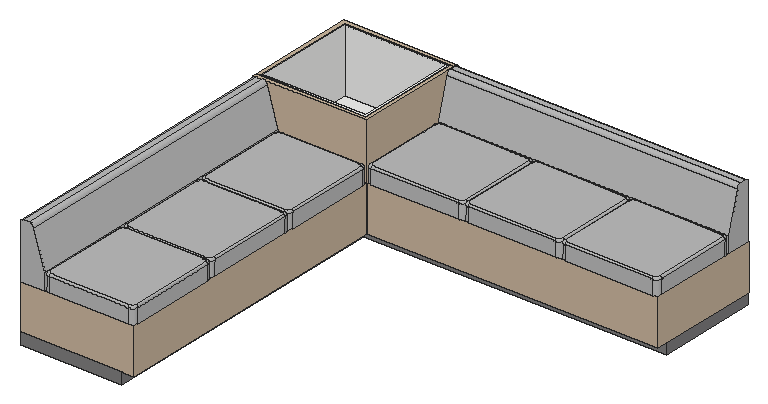
Revit family "Sofa en L con Jardinera MAACH", category Sistemas de mobiliario, Revit 2024
Family settings
  Cota de conector redondo = Usar diámetro
  Tipo de pieza = Normal
  Se basa en plano de trabajo = No
  Activar corte en vistas = No
  Siempre vertical = Sí
  Corte con vacíos al cargar = No
  Compartido = No
  Punto de cálculo de habitación = No
Parameters
  Zocalo = Melamina plomo
  Tela = Tela gris
  Melamina = Melamina duna
  Estructura = Pintura blaca brillante
  Elevación por defecto = 0 mm
Reference planes
  plane 1 "Centro (Frontal/Posterior)": y = -100
  plane 2: z = 0
  plane 3 "Centro (Izquierda/Derecha)": x = 0
  plane 4 "Centro I/E": y = 500
  plane 5 "Centro I/F": y = 1200
  plane 6 "Centro I/I": y = -700
  plane 7 "Centro I/J": y = -1300
  plane 8 "Centro I/K": x = -700
  plane 9 "Centro I/M": x = 599.549
  plane 10 "Centro I/N": x = 1199.549
  plane 11 "Centro I/O": x = 1800
  plane 12: z = 350.071
  plane 13: z = 70.071
  plane 14: z = 450.071
Forms (mm)
  Extrusion 1, solid, material "Tela gris" <- "Tela", not visible
    sketch origin (25, 24.549, 0) x (1, 0, 0) y (0, 1, 0)
      loop
        arc (-1119.977, -599.549) -> (-1141.253, -608.455) -> (-1150, -629.797) r 30.136
        line (-1150, -629.797) -> (-1150, -1169.752)
        arc (-1150, -1169.752) -> (-1141.16, -1190.868) -> (-1119.977, -1199.549) r 29.91
        line (-1119.977, -1199.549) -> (-630.023, -1199.549)
        arc (-630.023, -1199.549) -> (-608.793, -1190.755) -> (-600, -1169.526) r 30.023
        line (-600, -1169.526) -> (-600, -629.571)
        arc (-600, -629.571) -> (-608.793, -608.342) -> (-630.023, -599.549) r 30.023
        line (-630.023, -599.549) -> (-1119.977, -599.549)
    from 351.465 to 451.465
  Sweep 2, void, not visible
    path origin (0, 0, 1.465) x (1, 0, 0) y (0, 1, 0)
      loop
        line (-1125, -605.248) -> (-1125, -1145.203)
        arc (-1125, -1145.203) -> (-1116.16, -1166.319) -> (-1094.977, -1175) r 29.91
        line (-1094.977, -1175) -> (-605.023, -1175)
        arc (-605.023, -1175) -> (-583.793, -1166.207) -> (-575, -1144.977) r 30.023
        line (-575, -1144.977) -> (-575, -605.023)
        arc (-575, -605.023) -> (-583.793, -583.793) -> (-605.023, -575) r 30.023
        line (-605.023, -575) -> (-1094.977, -575)
        arc (-1094.977, -575) -> (-1116.253, -583.906) -> (-1125, -605.248) r 30.136
    profile origin (-1125, -875.226, 1.465) x (1, 0, 0) y (0, 0, 1)
      loop
        line (10.607, 450) -> (0, 450) -> (0, 439.393)
        arc (0, 439.393) -> (3.107, 446.893) -> (10.607, 450) r 10.607
  Extrusion 3, solid, material "Tela gris" <- "Tela"
    sketch origin (-669.977, -1300, 0) x (1, 0, 0) y (0, 0, 1)
      loop
        line (-30.023, 350) -> (119.977, 350) -> (119.977, 450) -> (53.706, 678.702)
        arc (53.706, 678.702) -> (45.163, 693.951) -> (28.764, 700) r 25.254
        line (28.764, 700) -> (-8.809, 700)
        arc (-8.809, 700) -> (-23.809, 693.787) -> (-30.023, 678.787) r 21.213
        line (-30.023, 678.787) -> (-30.023, 350)
    from -1799.549 to 0
  Extrusion 4, solid, material "Tela gris" <- "Tela"
    sketch origin (600, -100.451, -1.465) x (1, 0, 0) y (0, 1, 0)
      loop
        arc (-1119.977, -599.549) -> (-1141.253, -608.455) -> (-1150, -629.797) r 30.136
        line (-1150, -629.797) -> (-1150, -1169.752)
        arc (-1150, -1169.752) -> (-1141.16, -1190.868) -> (-1119.977, -1199.549) r 29.91
        line (-1119.977, -1199.549) -> (-630.023, -1199.549)
        arc (-630.023, -1199.549) -> (-608.793, -1190.755) -> (-600, -1169.526) r 30.023
        line (-600, -1169.526) -> (-600, -629.571)
        arc (-600, -629.571) -> (-608.793, -608.342) -> (-630.023, -599.549) r 30.023
        line (-630.023, -599.549) -> (-1119.977, -599.549)
    from 351.465 to 451.465
  Sweep 5, void
    path origin (575, -125, 0) x (1, 0, 0) y (0, 1, 0)
      loop
        line (-1125, -605.248) -> (-1125, -1145.203)
        arc (-1125, -1145.203) -> (-1116.16, -1166.319) -> (-1094.977, -1175) r 29.91
        line (-1094.977, -1175) -> (-605.023, -1175)
        arc (-605.023, -1175) -> (-583.793, -1166.207) -> (-575, -1144.977) r 30.023
        line (-575, -1144.977) -> (-575, -605.023)
        arc (-575, -605.023) -> (-583.793, -583.793) -> (-605.023, -575) r 30.023
        line (-605.023, -575) -> (-1094.977, -575)
        arc (-1094.977, -575) -> (-1116.253, -583.906) -> (-1125, -605.248) r 30.136
    profile origin (-550, -1000.226, 0) x (1, 0, 0) y (0, 0, 1)
      loop
        line (10.607, 450) -> (0, 450) -> (0, 439.393)
        arc (0, 439.393) -> (3.107, 446.893) -> (10.607, 450) r 10.607
  Extrusion 6, solid, material "Tela gris" <- "Tela", not visible
    sketch origin (0, -0.451, 0) x (1, 0, 0) y (0, 1, 0)
      loop
        arc (-1169.977, -524.774) -> (-1191.253, -533.681) -> (-1200, -555.023) r 30.136
        line (-1200, -555.023) -> (-1200, -1169.752)
        arc (-1200, -1169.752) -> (-1191.16, -1190.868) -> (-1169.977, -1199.549) r 29.91
        line (-1169.977, -1199.549) -> (-630.023, -1199.549)
        arc (-630.023, -1199.549) -> (-608.793, -1190.755) -> (-600, -1169.526) r 30.023
        line (-600, -1169.526) -> (-600, -554.797)
        arc (-600, -554.797) -> (-608.793, -533.568) -> (-630.023, -524.774) r 30.023
        line (-630.023, -524.774) -> (-1169.977, -524.774)
    from 70 to 450
  Sweep 7, void, not visible
    path origin (-25, -25, 0) x (1, 0, 0) y (0, 1, 0)
      loop
        line (-1175, -530.474) -> (-1175, -1145.203)
        arc (-1175, -1145.203) -> (-1166.16, -1166.319) -> (-1144.977, -1175) r 29.91
        line (-1144.977, -1175) -> (-605.023, -1175)
        arc (-605.023, -1175) -> (-583.793, -1166.207) -> (-575, -1144.977) r 30.023
        line (-575, -1144.977) -> (-575, -530.248)
        arc (-575, -530.248) -> (-583.793, -509.019) -> (-605.023, -500.226) r 30.023
        line (-605.023, -500.226) -> (-1144.977, -500.226)
        arc (-1144.977, -500.226) -> (-1166.253, -509.132) -> (-1175, -530.474) r 30.136
    profile origin (-1200, -862.839, 0) x (1, 0, 0) y (0, 0, 1)
      loop
        line (10.607, 450) -> (0, 450) -> (0, 439.393)
        arc (0, 439.393) -> (3.107, 446.893) -> (10.607, 450) r 10.607
  Extrusion 8, solid, material "Melamina duna" <- "Melamina"
    sketch origin (-1199.549, 1300, 0) x (1, 0, 0) y (0, 1, 0)
      loop
        line (499.549, -800) -> (1199.549, -800) -> (1199.549, -125.282) -> (1174.266, -125.282) -> (1174.266, -775.169) -> (499.549, -775.169) -> (499.549, -800)
    from 70 to 700
  Extrusion 9, solid, material "Pintura blaca brillante" <- "Estructura"
    sketch origin (-1204.718, 1205, 372.5) x (1, 0, 0) y (0, 1, 0)
      loop
        line (529.716, -30.282) -> (529.716, -680.169) -> (1179.436, -680.169) -> (1179.436, -30.282) -> (529.716, -30.282)
      loop
        line (1170.436, -671.169) -> (1170.436, -39.282) -> (538.716, -39.282) -> (538.716, -671.169) -> (1170.436, -671.169)
    from -72.5 to 327.5
  Extrusion 10, solid, material "Melamina duna" <- "Melamina", not visible
    sketch origin (0, 0, 0) x (1, 0, 0) y (0, 1, 0)
      loop
        line (-1200, -1200) -> (599.549, -1200) -> (599.549, -500.226) -> (-1200, -500.226) -> (-1200, -1200)
      loop
        line (574.549, -525.226) -> (-1175, -525.226) -> (-1175, -1175) -> (574.549, -1175) -> (574.549, -525.226)
    from 0 to 70
  Extrusion 11, solid, material "Melamina duna" <- "Melamina", not visible
    sketch origin (0, 0, 45) x (1, 0, 0) y (0, 1, 0)
      loop
        line (-1175, -525.226) -> (-1175, -1175) -> (574.549, -1175) -> (574.549, -525.226) -> (-1175, -525.226)
    from 0 to 25
  Extrusion 12, solid, material "Melamina duna" <- "Melamina", not visible
    sketch origin (0, 0, 0) x (1, 0, 0) y (0, 1, 0)
      loop
        line (-1200, -500.226) -> (-1200, -525.226) -> (599.549, -525.226) -> (599.549, -500.226) -> (-1200, -500.226)
    from 70 to 450
  Extrusion 13, solid, material "Tela gris" <- "Tela", not visible
    sketch origin (0, -0.451, 0) x (1, 0, 0) y (0, 1, 0)
      loop
        arc (-1169.977, -524.774) -> (-1191.253, -533.681) -> (-1200, -555.023) r 30.136
        line (-1200, -555.023) -> (-1200, -1169.752)
        arc (-1200, -1169.752) -> (-1191.16, -1190.868) -> (-1169.977, -1199.549) r 29.91
        line (-1169.977, -1199.549) -> (-630.023, -1199.549)
        arc (-630.023, -1199.549) -> (-608.793, -1190.755) -> (-600, -1169.526) r 30.023
        line (-600, -1169.526) -> (-600, -554.797)
        arc (-600, -554.797) -> (-608.793, -533.568) -> (-630.023, -524.774) r 30.023
        line (-630.023, -524.774) -> (-1169.977, -524.774)
    from 70 to 450
  Sweep 14, void, not visible
    path origin (-25, -25, 0) x (1, 0, 0) y (0, 1, 0)
      loop
        line (-1175, -530.474) -> (-1175, -1145.203)
        arc (-1175, -1145.203) -> (-1166.16, -1166.319) -> (-1144.977, -1175) r 29.91
        line (-1144.977, -1175) -> (-605.023, -1175)
        arc (-605.023, -1175) -> (-583.793, -1166.207) -> (-575, -1144.977) r 30.023
        line (-575, -1144.977) -> (-575, -530.248)
        arc (-575, -530.248) -> (-583.793, -509.019) -> (-605.023, -500.226) r 30.023
        line (-605.023, -500.226) -> (-1144.977, -500.226)
        arc (-1144.977, -500.226) -> (-1166.253, -509.132) -> (-1175, -530.474) r 30.136
    profile origin (-1200, -862.839, 0) x (1, 0, 0) y (0, 0, 1)
      loop
        line (10.607, 450) -> (0, 450) -> (0, 439.393)
        arc (0, 439.393) -> (3.107, 446.893) -> (10.607, 450) r 10.607
  Extrusion 15, solid, material "Tela gris" <- "Tela", not visible
    sketch origin (-1200, -630.248, 0) x (0, -1, 0) y (0, 0, 1)
      loop
        line (-130.023, 450) -> (-10.023, 450) -> (-46.294, 678.702)
        arc (-46.294, 678.702) -> (-54.837, 693.951) -> (-71.236, 700) r 25.254
        line (-71.236, 700) -> (-108.809, 700)
        arc (-108.809, 700) -> (-123.809, 693.787) -> (-130.023, 678.787) r 21.213
        line (-130.023, 678.787) -> (-130.023, 450)
    from -1799.549 to 0
  Extrusion 16, solid, material "Tela gris" <- "Tela", not visible
    sketch origin (600, -0.451, 0) x (1, 0, 0) y (0, 1, 0)
      loop
        arc (-1169.977, -524.774) -> (-1191.253, -533.681) -> (-1200, -555.023) r 30.136
        line (-1200, -555.023) -> (-1200, -1169.752)
        arc (-1200, -1169.752) -> (-1191.16, -1190.868) -> (-1169.977, -1199.549) r 29.91
        line (-1169.977, -1199.549) -> (-630.023, -1199.549)
        arc (-630.023, -1199.549) -> (-608.793, -1190.755) -> (-600, -1169.526) r 30.023
        line (-600, -1169.526) -> (-600, -554.797)
        arc (-600, -554.797) -> (-608.793, -533.568) -> (-630.023, -524.774) r 30.023
        line (-630.023, -524.774) -> (-1169.977, -524.774)
    from 70 to 450
  Sweep 17, void, not visible
    path origin (575, -25, 0) x (1, 0, 0) y (0, 1, 0)
      loop
        line (-1175, -530.474) -> (-1175, -1145.203)
        arc (-1175, -1145.203) -> (-1166.16, -1166.319) -> (-1144.977, -1175) r 29.91
        line (-1144.977, -1175) -> (-605.023, -1175)
        arc (-605.023, -1175) -> (-583.793, -1166.207) -> (-575, -1144.977) r 30.023
        line (-575, -1144.977) -> (-575, -530.248)
        arc (-575, -530.248) -> (-583.793, -509.019) -> (-605.023, -500.226) r 30.023
        line (-605.023, -500.226) -> (-1144.977, -500.226)
        arc (-1144.977, -500.226) -> (-1166.253, -509.132) -> (-1175, -530.474) r 30.136
    profile origin (-600, -862.839, 0) x (1, 0, 0) y (0, 0, 1)
      loop
        line (10.607, 450) -> (0, 450) -> (0, 439.393)
        arc (0, 439.393) -> (3.107, 446.893) -> (10.607, 450) r 10.607
  Extrusion 18, solid, material "Tela gris" <- "Tela", not visible
    sketch origin (1200, -0.451, 0) x (1, 0, 0) y (0, 1, 0)
      loop
        arc (-1169.977, -524.774) -> (-1191.253, -533.681) -> (-1200, -555.023) r 30.136
        line (-1200, -555.023) -> (-1200, -1169.752)
        arc (-1200, -1169.752) -> (-1191.16, -1190.868) -> (-1169.977, -1199.549) r 29.91
        line (-1169.977, -1199.549) -> (-630.023, -1199.549)
        arc (-630.023, -1199.549) -> (-608.793, -1190.755) -> (-600, -1169.526) r 30.023
        line (-600, -1169.526) -> (-600, -554.797)
        arc (-600, -554.797) -> (-608.793, -533.568) -> (-630.023, -524.774) r 30.023
        line (-630.023, -524.774) -> (-1169.977, -524.774)
    from 70 to 450
  Sweep 19, void, not visible
    path origin (1175, -25, 0) x (1, 0, 0) y (0, 1, 0)
      loop
        line (-1175, -530.474) -> (-1175, -1145.203)
        arc (-1175, -1145.203) -> (-1166.16, -1166.319) -> (-1144.977, -1175) r 29.91
        line (-1144.977, -1175) -> (-605.023, -1175)
        arc (-605.023, -1175) -> (-583.793, -1166.207) -> (-575, -1144.977) r 30.023
        line (-575, -1144.977) -> (-575, -530.248)
        arc (-575, -530.248) -> (-583.793, -509.019) -> (-605.023, -500.226) r 30.023
        line (-605.023, -500.226) -> (-1144.977, -500.226)
        arc (-1144.977, -500.226) -> (-1166.253, -509.132) -> (-1175, -530.474) r 30.136
    profile origin (0, -862.839, 0) x (1, 0, 0) y (0, 0, 1)
      loop
        line (10.607, 450) -> (0, 450) -> (0, 439.393)
        arc (0, 439.393) -> (3.107, 446.893) -> (10.607, 450) r 10.607
  Extrusion 20, solid, material "Melamina duna" <- "Melamina", not visible
    sketch origin (0, 0, 0) x (1, 0, 0) y (0, 1, 0)
      loop
        line (599.549, 1800) -> (599.549, 0) -> (1199.549, 0) -> (1199.549, 1800) -> (599.549, 1800)
      loop
        line (624.549, 1775) -> (624.549, 25) -> (1174.549, 25) -> (1174.549, 1775) -> (624.549, 1775)
    from 0 to 70
  Extrusion 21, solid, material "Melamina duna" <- "Melamina", not visible
    sketch origin (0, 0, 45) x (1, 0, 0) y (0, 1, 0)
      loop
        line (1174.549, 25) -> (1174.549, 1775) -> (624.549, 1775) -> (624.549, 25) -> (1174.549, 25)
    from 0 to 25
  Extrusion 22, solid, material "Tela gris" <- "Tela", not visible
    sketch origin (1799.549, 1199.549, 0) x (1, 0, 0) y (0, 1, 0)
      loop
        arc (-1119.977, -599.549) -> (-1141.253, -608.455) -> (-1150, -629.797) r 30.136
        line (-1150, -629.797) -> (-1150, -1169.752)
        arc (-1150, -1169.752) -> (-1141.16, -1190.868) -> (-1119.977, -1199.549) r 29.91
        line (-1119.977, -1199.549) -> (-630.023, -1199.549)
        arc (-630.023, -1199.549) -> (-608.793, -1190.755) -> (-600, -1169.526) r 30.023
        line (-600, -1169.526) -> (-600, -629.571)
        arc (-600, -629.571) -> (-608.793, -608.342) -> (-630.023, -599.549) r 30.023
        line (-630.023, -599.549) -> (-1119.977, -599.549)
    from 351.465 to 451.465
  Sweep 23, void, not visible
    path origin (1774.549, 1175, 1.465) x (1, 0, 0) y (0, 1, 0)
      loop
        line (-1125, -605.248) -> (-1125, -1145.203)
        arc (-1125, -1145.203) -> (-1116.16, -1166.319) -> (-1094.977, -1175) r 29.91
        line (-1094.977, -1175) -> (-605.023, -1175)
        arc (-605.023, -1175) -> (-583.793, -1166.207) -> (-575, -1144.977) r 30.023
        line (-575, -1144.977) -> (-575, -605.023)
        arc (-575, -605.023) -> (-583.793, -583.793) -> (-605.023, -575) r 30.023
        line (-605.023, -575) -> (-1094.977, -575)
        arc (-1094.977, -575) -> (-1116.253, -583.906) -> (-1125, -605.248) r 30.136
    profile origin (649.549, 299.774, 1.465) x (1, 0, 0) y (0, 0, 1)
      loop
        line (10.607, 450) -> (0, 450) -> (0, 439.393)
        arc (0, 439.393) -> (3.107, 446.893) -> (10.607, 450) r 10.607
  Extrusion 24, solid, material "Tela gris" <- "Tela", not visible
    sketch origin (1799.549, 1799.549, 0) x (1, 0, 0) y (0, 1, 0)
      loop
        arc (-1119.977, -599.549) -> (-1141.253, -608.455) -> (-1150, -629.797) r 30.136
        line (-1150, -629.797) -> (-1150, -1169.752)
        arc (-1150, -1169.752) -> (-1141.16, -1190.868) -> (-1119.977, -1199.549) r 29.91
        line (-1119.977, -1199.549) -> (-630.023, -1199.549)
        arc (-630.023, -1199.549) -> (-608.793, -1190.755) -> (-600, -1169.526) r 30.023
        line (-600, -1169.526) -> (-600, -629.571)
        arc (-600, -629.571) -> (-608.793, -608.342) -> (-630.023, -599.549) r 30.023
        line (-630.023, -599.549) -> (-1119.977, -599.549)
    from 351.465 to 451.465
  Sweep 25, void, not visible
    path origin (1774.549, 1775, 1.465) x (1, 0, 0) y (0, 1, 0)
      loop
        line (-1125, -605.248) -> (-1125, -1145.203)
        arc (-1125, -1145.203) -> (-1116.16, -1166.319) -> (-1094.977, -1175) r 29.91
        line (-1094.977, -1175) -> (-605.023, -1175)
        arc (-605.023, -1175) -> (-583.793, -1166.207) -> (-575, -1144.977) r 30.023
        line (-575, -1144.977) -> (-575, -605.023)
        arc (-575, -605.023) -> (-583.793, -583.793) -> (-605.023, -575) r 30.023
        line (-605.023, -575) -> (-1094.977, -575)
        arc (-1094.977, -575) -> (-1116.253, -583.906) -> (-1125, -605.248) r 30.136
    profile origin (649.549, 899.774, 1.465) x (1, 0, 0) y (0, 0, 1)
      loop
        line (10.607, 450) -> (0, 450) -> (0, 439.393)
        arc (0, 439.393) -> (3.107, 446.893) -> (10.607, 450) r 10.607
  Extrusion 26, solid, material "Tela gris" <- "Tela", not visible
    sketch origin (1799.549, 2399.549, 0) x (1, 0, 0) y (0, 1, 0)
      loop
        arc (-1119.977, -599.549) -> (-1141.253, -608.455) -> (-1150, -629.797) r 30.136
        line (-1150, -629.797) -> (-1150, -1169.752)
        arc (-1150, -1169.752) -> (-1141.16, -1190.868) -> (-1119.977, -1199.549) r 29.91
        line (-1119.977, -1199.549) -> (-630.023, -1199.549)
        arc (-630.023, -1199.549) -> (-608.793, -1190.755) -> (-600, -1169.526) r 30.023
        line (-600, -1169.526) -> (-600, -629.571)
        arc (-600, -629.571) -> (-608.793, -608.342) -> (-630.023, -599.549) r 30.023
        line (-630.023, -599.549) -> (-1119.977, -599.549)
    from 351.465 to 451.465
  Sweep 27, void, not visible
    path origin (1774.549, 2375, 1.465) x (1, 0, 0) y (0, 1, 0)
      loop
        line (-1125, -605.248) -> (-1125, -1145.203)
        arc (-1125, -1145.203) -> (-1116.16, -1166.319) -> (-1094.977, -1175) r 29.91
        line (-1094.977, -1175) -> (-605.023, -1175)
        arc (-605.023, -1175) -> (-583.793, -1166.207) -> (-575, -1144.977) r 30.023
        line (-575, -1144.977) -> (-575, -605.023)
        arc (-575, -605.023) -> (-583.793, -583.793) -> (-605.023, -575) r 30.023
        line (-605.023, -575) -> (-1094.977, -575)
        arc (-1094.977, -575) -> (-1116.253, -583.906) -> (-1125, -605.248) r 30.136
    profile origin (649.549, 1499.774, 1.465) x (1, 0, 0) y (0, 0, 1)
      loop
        line (10.607, 450) -> (0, 450) -> (0, 439.393)
        arc (0, 439.393) -> (3.107, 446.893) -> (10.607, 450) r 10.607
  Extrusion 28, solid, material "Melamina duna" <- "Melamina", not visible
    sketch origin (0, 0, 0) x (1, 0, 0) y (0, 1, 0)
      loop
        line (599.549, 0) -> (599.549, -1200) -> (1199.097, -1200) -> (1800, -600) -> (1800, 0) -> (599.549, 0)
      loop
        line (624.549, -25) -> (624.549, -1175) -> (1188.742, -1175) -> (1775, -589.645) -> (1775, -25) -> (624.549, -25)
    from 0 to 70
  Extrusion 29, solid, material "Melamina duna" <- "Melamina", not visible
    sketch origin (0, 0, 0) x (1, 0, 0) y (0, 1, 0)
      loop
        line (624.549, -25) -> (624.549, -1175) -> (1188.742, -1175) -> (1775, -589.645) -> (1775, -25) -> (624.549, -25)
    from 0 to 25
  Extrusion 30, solid, material "Melamina duna" <- "Melamina", not visible
    sketch origin (0, 0, 0) x (1, 0, 0) y (0, 1, 0)
      loop
        line (599.549, 0) -> (599.549, -25.282) -> (1174.266, -25.282) -> (1174.266, -575.169) -> (599.549, -575.169) -> (599.549, -600) -> (1199.549, -600) -> (1199.549, 0) -> (599.549, 0)
    from 70 to 700
  Extrusion 31, solid, material "Melamina duna" <- "Melamina", not visible
    sketch origin (-0.169, -0.282, 372.5) x (1, 0, 0) y (0, 1, 0)
      loop
        line (624.718, -25) -> (624.718, -574.887) -> (1174.436, -574.887) -> (1174.436, -25) -> (624.718, -25)
    from -72.5 to -52.5
  Extrusion 32, solid, material "Melamina duna" <- "Melamina", not visible
    sketch origin (624.549, -0.282, -514.718) x (0, 0, 1) y (0, 1, 0)
      loop
        line (584.718, -25) -> (584.718, -574.887) -> (1214.718, -574.887) -> (1214.718, -25) -> (584.718, -25)
    from 0 to 25
  Extrusion 33, solid, material "Melamina duna" <- "Melamina", not visible
    sketch origin (-599.549, 0, 0) x (1, 0, 0) y (0, 1, 0)
      loop
        line (1799.097, -25) -> (1774.097, -25) -> (1774.097, -575.169) -> (1224.097, -575.169) -> (1224.097, -600) -> (1799.097, -600) -> (1799.097, -25)
    from 25 to 70
  Extrusion 34, solid, material "Pintura blaca brillante" <- "Estructura", not visible
    sketch origin (715, 100, 0) x (1, 0, 0) y (0, 1, 0)
      loop
        circle (-700, -1300) r 15
    from 0 to 250
  Extrusion 35, solid, material "Pintura blaca brillante" <- "Estructura", not visible
    sketch origin (-15, 100, 0) x (1, 0, 0) y (0, 1, 0)
      loop
        circle (-700, -1300) r 15
    from 0 to 250
  Extrusion 36, solid, material "Pintura blaca brillante" <- "Estructura", not visible
    sketch origin (15, 100, 870) x (0, 0, 1) y (0, 1, 0)
      loop
        circle (-700, -1300) r 15
    from 0 to 735
  Extrusion 37, solid, material "Tela gris" <- "Tela"
    sketch origin (600, 499.549, -1.465) x (1, 0, 0) y (0, 1, 0)
      loop
        arc (-1119.977, -599.549) -> (-1141.253, -608.455) -> (-1150, -629.797) r 30.136
        line (-1150, -629.797) -> (-1150, -1169.752)
        arc (-1150, -1169.752) -> (-1141.16, -1190.868) -> (-1119.977, -1199.549) r 29.91
        line (-1119.977, -1199.549) -> (-630.023, -1199.549)
        arc (-630.023, -1199.549) -> (-608.793, -1190.755) -> (-600, -1169.526) r 30.023
        line (-600, -1169.526) -> (-600, -629.571)
        arc (-600, -629.571) -> (-608.793, -608.342) -> (-630.023, -599.549) r 30.023
        line (-630.023, -599.549) -> (-1119.977, -599.549)
    from 351.465 to 451.465
  Sweep 38, void
    path origin (575, 475, 0) x (1, 0, 0) y (0, 1, 0)
      loop
        line (-1125, -605.248) -> (-1125, -1145.203)
        arc (-1125, -1145.203) -> (-1116.16, -1166.319) -> (-1094.977, -1175) r 29.91
        line (-1094.977, -1175) -> (-605.023, -1175)
        arc (-605.023, -1175) -> (-583.793, -1166.207) -> (-575, -1144.977) r 30.023
        line (-575, -1144.977) -> (-575, -605.023)
        arc (-575, -605.023) -> (-583.793, -583.793) -> (-605.023, -575) r 30.023
        line (-605.023, -575) -> (-1094.977, -575)
        arc (-1094.977, -575) -> (-1116.253, -583.906) -> (-1125, -605.248) r 30.136
    profile origin (-550, -400.226, 0) x (1, 0, 0) y (0, 0, 1)
      loop
        line (10.607, 450) -> (0, 450) -> (0, 439.393)
        arc (0, 439.393) -> (3.107, 446.893) -> (10.607, 450) r 10.607
  Extrusion 39, solid, material "Tela gris" <- "Tela"
    sketch origin (600, 1099.549, -1.465) x (1, 0, 0) y (0, 1, 0)
      loop
        arc (-1119.977, -599.549) -> (-1141.253, -608.455) -> (-1150, -629.797) r 30.136
        line (-1150, -629.797) -> (-1150, -1169.752)
        arc (-1150, -1169.752) -> (-1141.16, -1190.868) -> (-1119.977, -1199.549) r 29.91
        line (-1119.977, -1199.549) -> (-630.023, -1199.549)
        arc (-630.023, -1199.549) -> (-608.793, -1190.755) -> (-600, -1169.526) r 30.023
        line (-600, -1169.526) -> (-600, -629.571)
        arc (-600, -629.571) -> (-608.793, -608.342) -> (-630.023, -599.549) r 30.023
        line (-630.023, -599.549) -> (-1119.977, -599.549)
    from 351.465 to 451.465
  Sweep 40, void
    path origin (575, 1075, 0) x (1, 0, 0) y (0, 1, 0)
      loop
        line (-1125, -605.248) -> (-1125, -1145.203)
        arc (-1125, -1145.203) -> (-1116.16, -1166.319) -> (-1094.977, -1175) r 29.91
        line (-1094.977, -1175) -> (-605.023, -1175)
        arc (-605.023, -1175) -> (-583.793, -1166.207) -> (-575, -1144.977) r 30.023
        line (-575, -1144.977) -> (-575, -605.023)
        arc (-575, -605.023) -> (-583.793, -583.793) -> (-605.023, -575) r 30.023
        line (-605.023, -575) -> (-1094.977, -575)
        arc (-1094.977, -575) -> (-1116.253, -583.906) -> (-1125, -605.248) r 30.136
    profile origin (-550, 199.774, 0) x (1, 0, 0) y (0, 0, 1)
      loop
        line (10.607, 450) -> (0, 450) -> (0, 439.393)
        arc (0, 439.393) -> (3.107, 446.893) -> (10.607, 450) r 10.607
  Extrusion 41, solid, material "Tela gris" <- "Tela"
    sketch origin (1199.097, -100, -1.465) x (0, -1, 0) y (1, 0, 0)
      loop
        arc (-1119.977, -599.549) -> (-1141.253, -608.455) -> (-1150, -629.797) r 30.136
        line (-1150, -629.797) -> (-1150, -1169.752)
        arc (-1150, -1169.752) -> (-1141.16, -1190.868) -> (-1119.977, -1199.549) r 29.91
        line (-1119.977, -1199.549) -> (-630.023, -1199.549)
        arc (-630.023, -1199.549) -> (-608.793, -1190.755) -> (-600, -1169.526) r 30.023
        line (-600, -1169.526) -> (-600, -629.571)
        arc (-600, -629.571) -> (-608.793, -608.342) -> (-630.023, -599.549) r 30.023
        line (-630.023, -599.549) -> (-1119.977, -599.549)
    from 351.465 to 451.465
  Sweep 42, void
    path origin (1174.549, -75, 0) x (0, -1, 0) y (1, 0, 0)
      loop
        line (-1125, -605.248) -> (-1125, -1145.203)
        arc (-1125, -1145.203) -> (-1116.16, -1166.319) -> (-1094.977, -1175) r 29.91
        line (-1094.977, -1175) -> (-605.023, -1175)
        arc (-605.023, -1175) -> (-583.793, -1166.207) -> (-575, -1144.977) r 30.023
        line (-575, -1144.977) -> (-575, -605.023)
        arc (-575, -605.023) -> (-583.793, -583.793) -> (-605.023, -575) r 30.023
        line (-605.023, -575) -> (-1094.977, -575)
        arc (-1094.977, -575) -> (-1116.253, -583.906) -> (-1125, -605.248) r 30.136
    profile origin (299.323, 1050, 0) x (0, -1, 0) y (0, 0, 1)
      loop
        line (10.607, 450) -> (0, 450) -> (0, 439.393)
        arc (0, 439.393) -> (3.107, 446.893) -> (10.607, 450) r 10.607
  Extrusion 43, solid, material "Tela gris" <- "Tela"
    sketch origin (1799.097, -100, -1.465) x (0, -1, 0) y (1, 0, 0)
      loop
        arc (-1119.977, -599.549) -> (-1141.253, -608.455) -> (-1150, -629.797) r 30.136
        line (-1150, -629.797) -> (-1150, -1169.752)
        arc (-1150, -1169.752) -> (-1141.16, -1190.868) -> (-1119.977, -1199.549) r 29.91
        line (-1119.977, -1199.549) -> (-630.023, -1199.549)
        arc (-630.023, -1199.549) -> (-608.793, -1190.755) -> (-600, -1169.526) r 30.023
        line (-600, -1169.526) -> (-600, -629.571)
        arc (-600, -629.571) -> (-608.793, -608.342) -> (-630.023, -599.549) r 30.023
        line (-630.023, -599.549) -> (-1119.977, -599.549)
    from 351.465 to 451.465
  Sweep 44, void
    path origin (1774.549, -75, 0) x (0, -1, 0) y (1, 0, 0)
      loop
        line (-1125, -605.248) -> (-1125, -1145.203)
        arc (-1125, -1145.203) -> (-1116.16, -1166.319) -> (-1094.977, -1175) r 29.91
        line (-1094.977, -1175) -> (-605.023, -1175)
        arc (-605.023, -1175) -> (-583.793, -1166.207) -> (-575, -1144.977) r 30.023
        line (-575, -1144.977) -> (-575, -605.023)
        arc (-575, -605.023) -> (-583.793, -583.793) -> (-605.023, -575) r 30.023
        line (-605.023, -575) -> (-1094.977, -575)
        arc (-1094.977, -575) -> (-1116.253, -583.906) -> (-1125, -605.248) r 30.136
    profile origin (899.323, 1050, 0) x (0, -1, 0) y (0, 0, 1)
      loop
        line (10.607, 450) -> (0, 450) -> (0, 439.393)
        arc (0, 439.393) -> (3.107, 446.893) -> (10.607, 450) r 10.607
  Extrusion 45, solid, material "Tela gris" <- "Tela"
    sketch origin (2399.097, -100, -1.465) x (0, -1, 0) y (1, 0, 0)
      loop
        arc (-1119.977, -599.549) -> (-1141.253, -608.455) -> (-1150, -629.797) r 30.136
        line (-1150, -629.797) -> (-1150, -1169.752)
        arc (-1150, -1169.752) -> (-1141.16, -1190.868) -> (-1119.977, -1199.549) r 29.91
        line (-1119.977, -1199.549) -> (-630.023, -1199.549)
        arc (-630.023, -1199.549) -> (-608.793, -1190.755) -> (-600, -1169.526) r 30.023
        line (-600, -1169.526) -> (-600, -629.571)
        arc (-600, -629.571) -> (-608.793, -608.342) -> (-630.023, -599.549) r 30.023
        line (-630.023, -599.549) -> (-1119.977, -599.549)
    from 351.465 to 451.465
  Sweep 46, void
    path origin (2374.549, -75, 0) x (0, -1, 0) y (1, 0, 0)
      loop
        line (-1125, -605.248) -> (-1125, -1145.203)
        arc (-1125, -1145.203) -> (-1116.16, -1166.319) -> (-1094.977, -1175) r 29.91
        line (-1094.977, -1175) -> (-605.023, -1175)
        arc (-605.023, -1175) -> (-583.793, -1166.207) -> (-575, -1144.977) r 30.023
        line (-575, -1144.977) -> (-575, -605.023)
        arc (-575, -605.023) -> (-583.793, -583.793) -> (-605.023, -575) r 30.023
        line (-605.023, -575) -> (-1094.977, -575)
        arc (-1094.977, -575) -> (-1116.253, -583.906) -> (-1125, -605.248) r 30.136
    profile origin (1499.323, 1050, 0) x (0, -1, 0) y (0, 0, 1)
      loop
        line (10.607, 450) -> (0, 450) -> (0, 439.393)
        arc (0, 439.393) -> (3.107, 446.893) -> (10.607, 450) r 10.607
  Extrusion 47, solid, material "Tela gris" <- "Tela"
    sketch origin (0, 1169.977, 0) x (0, -1, 0) y (0, 0, 1)
      loop
        line (-30.023, 350) -> (119.977, 350) -> (119.977, 450) -> (53.706, 678.702)
        arc (53.706, 678.702) -> (45.163, 693.951) -> (28.764, 700) r 25.254
        line (28.764, 700) -> (-8.809, 700)
        arc (-8.809, 700) -> (-23.809, 693.787) -> (-30.023, 678.787) r 21.213
        line (-30.023, 678.787) -> (-30.023, 350)
    from -1799.549 to 0
  Extrusion 48, solid, material "Pintura blaca brillante" <- "Estructura"
    sketch origin (-675.002, 1174.718, 700) x (0, -1, 0) y (1, 0, 0)
      loop
        line (640.887, 9) -> (640.887, 640.72) -> (9, 640.72) -> (9, 9) -> (640.887, 9)
    from -400 to -391
  Extrusion 49, solid, material "Melamina plomo" <- "Zocalo"
    sketch origin (-489.549, 1240, 0) x (1, 0, 0) y (0, 1, 0)
      loop
        line (-210.451, -40) -> (-210.451, -2540) -> (419.549, -2540) -> (419.549, -670) -> (2289.097, -670) -> (2289.097, -40) -> (-210.451, -40)
      loop
        line (-195.451, -55) -> (-195.451, -2525) -> (404.549, -2525) -> (404.549, -655) -> (2274.097, -655) -> (2274.097, -55) -> (-195.451, -55)
    from 0 to 70
  Extrusion 50, solid, material "Melamina duna" <- "Melamina"
    sketch origin (360, -990, -50) x (-1, 0, 0) y (0, -1, 0)
      loop
        line (360, 310) -> (360, -1490) -> (1060, -1490) -> (1060, 310) -> (360, 310)
      loop
        line (1045, 295) -> (375, 295) -> (375, -1475) -> (1045, -1475) -> (1045, 295)
    from 120 to 400
  Extrusion 51, solid, material "Melamina duna" <- "Melamina"
    sketch origin (1490, 1560, -50) x (0, -1, 0) y (1, 0, 0)
      loop
        line (360, 310) -> (360, -1490) -> (1060, -1490) -> (1060, 310) -> (360, 310)
      loop
        line (1045, 295) -> (375, 295) -> (375, -1475) -> (1045, -1475) -> (1045, 295)
    from 120 to 400
  Extrusion 52, solid, material "Melamina duna" <- "Melamina"
    sketch origin (0, 0, 0) x (1, 0, 0) y (0, 1, 0)
      loop
        line (-685, 1174.718) -> (-685, -1285) -> (-15, -1285) -> (-15, 1174.718) -> (-685, 1174.718)
    from 70 to 85
  Extrusion 53, solid, material "Melamina duna" <- "Melamina"
    sketch origin (500, 1200, 0) x (0, 1, 0) y (-1, 0, 0)
      loop
        line (-685, 485) -> (-685, -1285) -> (-15, -1285) -> (-15, 485) -> (-685, 485)
    from 70 to 85
  Extrusion 54, solid, material "Melamina duna" <- "Melamina"
    sketch origin (499.549, 424.831, 0) x (-1, 0, 0) y (0, -1, 0)
      loop
        line (499.549, -775.169) -> (1199.549, -775.169) -> (1199.549, -100) -> (1174.266, -100) -> (1174.266, -750.339) -> (499.549, -750.339) -> (499.549, -775.169)
    from 70 to 700
Cuts and joins
  Sweep 5 cuts Extrusion 4
  Sweep 38 cuts Extrusion 37
  Sweep 40 cuts Extrusion 39
  Sweep 42, Sweep 46 cuts Extrusion 41
  Sweep 44 cuts Extrusion 8
  Sweep 44 cuts Extrusion 43
  Sweep 46 cuts Extrusion 45
  joined: Extrusion 9, Extrusion 48
Dimensions and locks
  plane 3 "Centro (Izquierda/Derecha)" to plane 8 "Centro I/K" = 700 mm
  plane 9 "Centro I/M" to plane 3 "Centro (Izquierda/Derecha)" = 599.549 mm
  plane 10 "Centro I/N" to plane 9 "Centro I/M" = 600 mm
  plane 11 "Centro I/O" to plane 10 "Centro I/N" = 600.451 mm
  plane 8 "Centro I/K" to plane 3 "Centro (Izquierda/Derecha)" = 700 mm
  plane 4 "Centro I/E" to plane 5 "Centro I/F" = 700 mm
  plane 3 "Centro (Izquierda/Derecha)" to plane 9 "Centro I/M" to plane 10 "Centro I/N" to plane 11 "Centro I/O" = 599.549 mm, 600 mm, 600.451 mm
  plane 1 "Centro (Frontal/Posterior)" to plane 4 "Centro I/E" = 600 mm
  plane 7 "Centro I/J" to plane 6 "Centro I/I" to plane 1 "Centro (Frontal/Posterior)" = 600 mm, 600 mm
  cut or joined group of Extrusion 4, Sweep 5 to cut or joined group of Extrusion 4, Sweep 5 = 550 mm
  Extrusion 3 to cut or joined group of Extrusion 4, Sweep 5 = 250 mm
  plane 12 to plane 13 = 280 mm
  plane 13 to level = 70.071 mm
  plane 14 to plane 12 = 100 mm
  aligned and locked: level to plane 2
Automatic sketch dimensions
  Extrusion 6 sketch curve to Extrusion 6 sketch curve = 29.91 mm
  Extrusion 6 sketch curve to Extrusion 6 sketch curve = 0.113 mm  (x3)
  Extrusion 6 sketch curve to Extrusion 6 sketch curve = 30.023 mm  (x2)
  Extrusion 6 sketch curve to Extrusion 6 sketch curve = 540.068 mm
  Extrusion 6 sketch curve to Extrusion 6 sketch curve = 539.842 mm
  Extrusion 6 sketch curve to Extrusion 6 sketch curve = 29.797 mm
  Extrusion 6 sketch curve to Extrusion 6 sketch curve = 614.729 mm
  Sweep 7 sketch curve to Sweep 7 sketch curve = 29.91 mm
  Sweep 7 sketch curve to Sweep 7 sketch curve = 30.023 mm  (x2)
  Sweep 7 sketch curve to Sweep 7 sketch curve = 0.113 mm  (x2)
  Sweep 7 sketch curve to Sweep 7 sketch curve = 30.135 mm
  Sweep 7 sketch curve to Sweep 7 sketch curve = 539.955 mm  (x2)
  Sweep 7 sketch curve to Sweep 7 sketch curve = 29.797 mm
  Sweep 7 sketch curve to Sweep 7 sketch curve = 614.729 mm
  profile plane to Sweep 7 sketch curve = 0 mm  (x2)
  Sweep 7 sketch curve to Sweep 7 sketch curve = 10.607 mm  (x2)
  profile plane to Sweep 7 sketch curve = 439.393 mm
  Sweep 7 sketch curve to Sweep 7 sketch curve = 0 mm  (x2)
  Extrusion 13 sketch curve to Extrusion 13 sketch curve = 29.91 mm
  Extrusion 13 sketch curve to Extrusion 13 sketch curve = 0.113 mm  (x3)
  Extrusion 13 sketch curve to Extrusion 13 sketch curve = 30.023 mm  (x2)
  Extrusion 13 sketch curve to Extrusion 13 sketch curve = 540.068 mm
  Extrusion 13 sketch curve to Extrusion 13 sketch curve = 539.842 mm
  Extrusion 13 sketch curve to Extrusion 13 sketch curve = 29.797 mm
  Extrusion 13 sketch curve to Extrusion 13 sketch curve = 614.729 mm
  Sweep 14 sketch curve to Sweep 14 sketch curve = 29.91 mm
  Sweep 14 sketch curve to Sweep 14 sketch curve = 30.023 mm  (x2)
  Sweep 14 sketch curve to Sweep 14 sketch curve = 0.113 mm  (x2)
  Sweep 14 sketch curve to Sweep 14 sketch curve = 30.135 mm
  Sweep 14 sketch curve to Sweep 14 sketch curve = 539.955 mm  (x2)
  Sweep 14 sketch curve to Sweep 14 sketch curve = 29.797 mm
  Sweep 14 sketch curve to Sweep 14 sketch curve = 614.729 mm
  profile plane to Sweep 14 sketch curve = 0 mm  (x2)
  Sweep 14 sketch curve to Sweep 14 sketch curve = 10.607 mm  (x2)
  profile plane to Sweep 14 sketch curve = 439.393 mm
  Sweep 14 sketch curve to Sweep 14 sketch curve = 0 mm  (x2)
  Extrusion 16 sketch curve to Extrusion 16 sketch curve = 29.91 mm
  Extrusion 16 sketch curve to Extrusion 16 sketch curve = 0.113 mm  (x3)
  Extrusion 16 sketch curve to Extrusion 16 sketch curve = 30.023 mm  (x2)
  Extrusion 16 sketch curve to Extrusion 16 sketch curve = 540.068 mm
  Extrusion 16 sketch curve to Extrusion 16 sketch curve = 539.842 mm
  Extrusion 16 sketch curve to Extrusion 16 sketch curve = 29.797 mm
  Extrusion 16 sketch curve to Extrusion 16 sketch curve = 614.729 mm
  Sweep 17 sketch curve to Sweep 17 sketch curve = 29.91 mm
  Sweep 17 sketch curve to Sweep 17 sketch curve = 30.023 mm  (x2)
  Sweep 17 sketch curve to Sweep 17 sketch curve = 0.113 mm  (x2)
  Sweep 17 sketch curve to Sweep 17 sketch curve = 30.135 mm
  Sweep 17 sketch curve to Sweep 17 sketch curve = 539.955 mm  (x2)
  Sweep 17 sketch curve to Sweep 17 sketch curve = 29.797 mm
  Sweep 17 sketch curve to Sweep 17 sketch curve = 614.729 mm
  profile plane to Sweep 17 sketch curve = 0 mm  (x2)
  Sweep 17 sketch curve to Sweep 17 sketch curve = 10.607 mm  (x2)
  profile plane to Sweep 17 sketch curve = 439.393 mm
  Sweep 17 sketch curve to Sweep 17 sketch curve = 0 mm  (x2)
  Extrusion 18 sketch curve to Extrusion 18 sketch curve = 29.91 mm
  Extrusion 18 sketch curve to Extrusion 18 sketch curve = 0.113 mm  (x3)
  Extrusion 18 sketch curve to Extrusion 18 sketch curve = 30.023 mm  (x2)
  Extrusion 18 sketch curve to Extrusion 18 sketch curve = 540.068 mm
  Extrusion 18 sketch curve to Extrusion 18 sketch curve = 539.842 mm
  Extrusion 18 sketch curve to Extrusion 18 sketch curve = 29.797 mm
  Extrusion 18 sketch curve to Extrusion 18 sketch curve = 614.729 mm
  Sweep 19 sketch curve to Sweep 19 sketch curve = 29.91 mm
  Sweep 19 sketch curve to Sweep 19 sketch curve = 30.023 mm  (x2)
  Sweep 19 sketch curve to Sweep 19 sketch curve = 0.113 mm  (x2)
  Sweep 19 sketch curve to Sweep 19 sketch curve = 30.135 mm
  Sweep 19 sketch curve to Sweep 19 sketch curve = 539.955 mm  (x2)
  Sweep 19 sketch curve to Sweep 19 sketch curve = 29.797 mm
  Sweep 19 sketch curve to Sweep 19 sketch curve = 614.729 mm
  profile plane to Sweep 19 sketch curve = 0 mm  (x2)
  Sweep 19 sketch curve to Sweep 19 sketch curve = 10.607 mm  (x2)
  profile plane to Sweep 19 sketch curve = 439.393 mm
  Sweep 19 sketch curve to Sweep 19 sketch curve = 0 mm  (x2)
  Extrusion 12 sketch curve to Extrusion 12 sketch curve = 25 mm
  Extrusion 15 sketch curve to Extrusion 15 sketch curve = 21.213 mm
  Extrusion 15 sketch curve to Extrusion 15 sketch curve = 24.942 mm
  Extrusion 15 sketch curve to Extrusion 15 sketch curve = 3.956 mm
  Extrusion 10 sketch curve to Extrusion 10 sketch curve = 25 mm  (x4)
  Extrusion 10 sketch curve to Extrusion 10 sketch curve = 1749.549 mm
  Extrusion 10 sketch curve to Extrusion 10 sketch curve = 649.774 mm
  Extrusion 11 sketch curve to Extrusion 11 sketch curve = 1749.549 mm
  Extrusion 11 sketch curve to Extrusion 11 sketch curve = 649.774 mm
  Extrusion 12 sketch curve to Extrusion 12 sketch curve = 1799.549 mm
  Extrusion 15 sketch curve to Extrusion 15 sketch curve = 37.574 mm
  Extrusion 15 sketch curve to Extrusion 15 sketch curve = 120 mm
  Extrusion 15 sketch curve to Extrusion 15 sketch curve = 224.746 mm
  Extrusion 20 sketch curve to Extrusion 20 sketch curve = 25 mm  (x4)
  Extrusion 20 sketch curve to Extrusion 20 sketch curve = 550 mm
  Extrusion 20 sketch curve to Extrusion 20 sketch curve = 1750 mm
  Extrusion 21 sketch curve to Extrusion 21 sketch curve = 550 mm
  Extrusion 21 sketch curve to Extrusion 21 sketch curve = 1750 mm
  Extrusion 30 sketch curve to Extrusion 30 sketch curve = 24.831 mm
  Extrusion 30 sketch curve to Extrusion 30 sketch curve = 25.282 mm  (x2)
  Extrusion 32 sketch curve to Extrusion 32 sketch curve = 630 mm
  Extrusion 28 sketch curve to Extrusion 28 sketch curve = 25 mm  (x4)
  Extrusion 28 sketch curve to Extrusion 28 sketch curve = 564.193 mm
  Extrusion 28 sketch curve to Extrusion 28 sketch curve = 10.355 mm  (x2)
  Extrusion 28 sketch curve to Extrusion 28 sketch curve = 1150.451 mm
  Extrusion 28 sketch curve to Extrusion 28 sketch curve = 575 mm
  Extrusion 28 sketch curve to Extrusion 28 sketch curve = 1150 mm
  Extrusion 29 sketch curve to Extrusion 29 sketch curve = 564.193 mm
  Extrusion 29 sketch curve to Extrusion 29 sketch curve = 586.258 mm
  Extrusion 29 sketch curve to Extrusion 29 sketch curve = 585.355 mm
  Extrusion 29 sketch curve to Extrusion 29 sketch curve = 564.645 mm
  Extrusion 30 sketch curve to Extrusion 30 sketch curve = 0 mm
  Extrusion 30 sketch curve to Extrusion 30 sketch curve = 574.718 mm
  Extrusion 30 sketch curve to Extrusion 30 sketch curve = 549.887 mm
  Extrusion 31 sketch curve to Extrusion 31 sketch curve = 549.718 mm
  Extrusion 31 sketch curve to Extrusion 31 sketch curve = 549.887 mm
  Extrusion 32 sketch curve to Extrusion 32 sketch curve = 549.887 mm
  Extrusion 33 sketch curve to Extrusion 33 sketch curve = 550 mm
  Extrusion 33 sketch curve to Extrusion 33 sketch curve = 25 mm
  Extrusion 33 sketch curve to Extrusion 33 sketch curve = 24.831 mm
  Extrusion 33 sketch curve to Extrusion 33 sketch curve = 550.169 mm
  Extrusion 3 sketch curve to plane 8 "Centro I/K" = 0 mm
  plane 8 "Centro I/K" to Extrusion 3 sketch curve = 21.213 mm
  Extrusion 3 sketch curve to Extrusion 3 sketch curve = 37.574 mm
  Extrusion 3 sketch curve to Extrusion 3 sketch curve = 24.942 mm
  Extrusion 3 sketch curve to plane 14 = 0.071 mm
  plane 8 "Centro I/K" to Extrusion 3 sketch curve = 150 mm
  Extrusion 3 sketch curve to plane 12 = 0.071 mm
  plane 14 to Extrusion 3 sketch curve = 224.675 mm
  Extrusion 3 sketch curve to Extrusion 3 sketch curve = 3.956 mm
  plane 4 "Centro I/E" to Extrusion 8 sketch curve = 0 mm
  Extrusion 8 sketch curve to plane 8 "Centro I/K" = 0 mm
  plane 5 "Centro I/F" to Extrusion 8 sketch curve = 25.282 mm
  Extrusion 8 sketch curve to plane 3 "Centro (Izquierda/Derecha)" = 0 mm
  Extrusion 8 sketch curve to plane 3 "Centro (Izquierda/Derecha)" = 25.282 mm
  Extrusion 8 sketch curve to plane 4 "Centro I/E" = 24.831 mm
  plane 8 "Centro I/K" to Extrusion 9 sketch curve = 24.998 mm
  Extrusion 9 sketch curve to Extrusion 9 sketch curve = 9 mm  (x4)
  Extrusion 9 sketch curve to plane 3 "Centro (Izquierda/Derecha)" = 34.282 mm
  Extrusion 9 sketch curve to plane 4 "Centro I/E" = 24.831 mm
  plane 5 "Centro I/F" to Extrusion 9 sketch curve = 34.282 mm
  Extrusion 47 sketch curve to plane 5 "Centro I/F" = 0 mm
  plane 5 "Centro I/F" to Extrusion 47 sketch curve = 21.213 mm
  Extrusion 47 sketch curve to Extrusion 47 sketch curve = 37.574 mm
  Extrusion 47 sketch curve to Extrusion 47 sketch curve = 24.942 mm
  Extrusion 47 sketch curve to plane 14 = 0.071 mm
  plane 5 "Centro I/F" to Extrusion 47 sketch curve = 150 mm
  Extrusion 47 sketch curve to plane 12 = 0.071 mm
  plane 14 to Extrusion 47 sketch curve = 224.675 mm
  Extrusion 47 sketch curve to Extrusion 47 sketch curve = 3.956 mm
  plane 5 "Centro I/F" to Extrusion 48 sketch curve = 34.282 mm
  Extrusion 48 sketch curve to plane 4 "Centro I/E" = 33.831 mm
  plane 8 "Centro I/K" to Extrusion 48 sketch curve = 33.998 mm
  Extrusion 48 sketch curve to plane 3 "Centro (Izquierda/Derecha)" = 34.282 mm
  Extrusion 50 sketch curve to plane 3 "Centro (Izquierda/Derecha)" = 0 mm
  plane 7 "Centro I/J" to Extrusion 50 sketch curve = 0 mm
  Extrusion 50 sketch curve to plane 8 "Centro I/K" = 0 mm
  plane 4 "Centro I/E" to Extrusion 50 sketch curve = 0 mm
  Extrusion 50 sketch curve to plane 3 "Centro (Izquierda/Derecha)" = 15 mm
  plane 8 "Centro I/K" to Extrusion 50 sketch curve = 15 mm
  plane 4 "Centro I/E" to Extrusion 50 sketch curve = 15 mm
  Extrusion 50 sketch curve to plane 7 "Centro I/J" = 15 mm
  Extrusion 51 sketch curve to plane 3 "Centro (Izquierda/Derecha)" = 0 mm
  plane 5 "Centro I/F" to Extrusion 51 sketch curve = 0 mm
  plane 4 "Centro I/E" to Extrusion 51 sketch curve = 0 mm
  Extrusion 51 sketch curve to plane 11 "Centro I/O" = 0 mm
  plane 5 "Centro I/F" to Extrusion 51 sketch curve = 15 mm
  Extrusion 51 sketch curve to plane 4 "Centro I/E" = 15 mm
  plane 3 "Centro (Izquierda/Derecha)" to Extrusion 51 sketch curve = 15 mm
  Extrusion 51 sketch curve to plane 11 "Centro I/O" = 15 mm
  plane 8 "Centro I/K" to Extrusion 52 sketch curve = 15 mm
  Extrusion 52 sketch curve to plane 3 "Centro (Izquierda/Derecha)" = 15 mm
  Extrusion 52 sketch curve to plane 7 "Centro I/J" = 15 mm
  Extrusion 52 sketch curve to plane 4 "Centro I/E" = 674.718 mm
  Extrusion 53 sketch curve to plane 4 "Centro I/E" = 15 mm
  plane 5 "Centro I/F" to Extrusion 53 sketch curve = 15 mm
  Extrusion 53 sketch curve to plane 11 "Centro I/O" = 15 mm
  plane 3 "Centro (Izquierda/Derecha)" to Extrusion 53 sketch curve = 15 mm
  Extrusion 54 sketch curve to plane 5 "Centro I/F" = 0 mm
  plane 8 "Centro I/K" to Extrusion 54 sketch curve = 700 mm
  plane 5 "Centro I/F" to Extrusion 54 sketch curve = 24.831 mm
  Extrusion 54 sketch curve to Extrusion 54 sketch curve = 674.718 mm
  Extrusion 54 sketch curve to Extrusion 54 sketch curve = 25.282 mm
  Extrusion 54 sketch curve to plane 4 "Centro I/E" = 24.831 mm
  plane 5 "Centro I/F" to Extrusion 49 sketch curve = 0 mm
  Extrusion 49 sketch curve to plane 8 "Centro I/K" = 0 mm
  plane 7 "Centro I/J" to Extrusion 49 sketch curve = 0 mm
  Extrusion 49 sketch curve to plane 3 "Centro (Izquierda/Derecha)" = 70 mm
  Extrusion 49 sketch curve to plane 11 "Centro I/O" = 15.451 mm
  Extrusion 49 sketch curve to plane 11 "Centro I/O" = 0.451 mm
  Extrusion 49 sketch curve to plane 4 "Centro I/E" = 70 mm
  Extrusion 49 sketch curve to Extrusion 49 sketch curve = 15 mm  (x2)
  plane 8 "Centro I/K" to Extrusion 49 sketch curve = 15 mm
  plane 5 "Centro I/F" to Extrusion 49 sketch curve = 15 mm
  Extrusion 49 sketch curve to plane 7 "Centro I/J" = 15 mm
  radius of Extrusion 34 sketch curve = 15 mm
  radius of Extrusion 35 sketch curve = 15 mm
  radius of Extrusion 36 sketch curve = 15 mm
